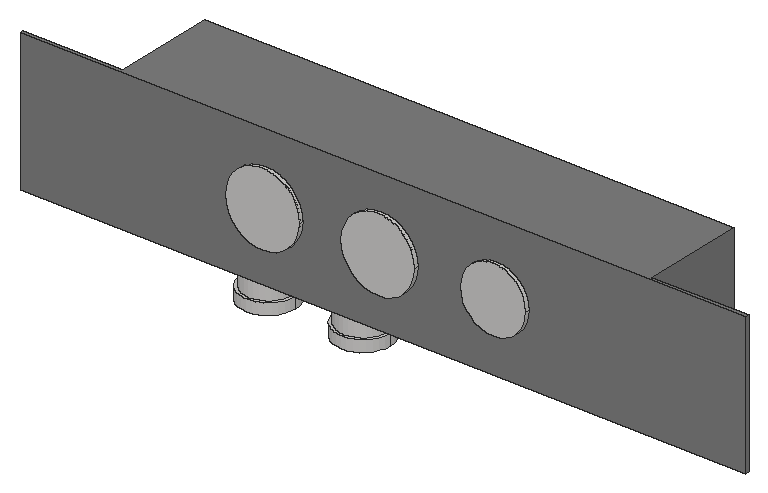
Revit family "5400V", category Generic Models, Revit 2021
Family settings
  Can host rebar = No
  Round Connector Dimension = Use Diameter
  Part Type = Normal
  Work Plane-Based = No
  Always vertical = Yes
  Cut with Voids When Loaded = No
  Shared = No
  Room Calculation Point = No
Parameters
  e-mail = "info@vola.com"
  URL = "http://vola.com"
  Telephone = "+45 7023 5500"
  Quality management standard = "ISO 9001"
  Organisation no. / DUNS no. = "17531328"
  Occupational health and safety management standard = "ISO 18001"
  Mounting Instructions = "http://vola.com/service/producturl.ashx?name=5400V"
  Model = "5400V"
  Materials and components information = "http://vola.com/service/producturl.ashx?name=5400V"
  Manufacturer = "VOLA A/S"
  Maintenance Instructions = "http://vola.com/service/producturl.ashx?name=5400V"
  Guarantee = "2 years"
  Flow = "43,00 l/min"
  Environmental management standard = "ISO 14000"
  Default Elevation = 0.00 mm
  Connection - All relevant connections = ""
  Approvals = "http://vola.com/service/producturl.ashx?name=5400V"
Reference planes
  plane 1 "Center (Front/Back)": y = 0
  plane 2: z = 0
  plane 3 "Center (Left/Right)": x = 0
  plane 4 "Inlet Center Plane": y = -29
  plane 5: z = 85
Forms (mm)
  Extrusion 1, solid, material "Default"
    sketch origin (10, 0, 16) x (1, 0, 0) y (0, 1, 0)
      loop
        line (-147.5, 0) -> (-147.5, -69) -> (210.5, -69) -> (210.5, 0) -> (-147.5, 0)
    from 21.5 to 116.5
  Extrusion 2, solid, material "Default"
    sketch origin (10, -1, 16) x (1, 0, 0) y (0, 1, 0)
      loop
        line (-215, -68) -> (-215, -70.5) -> (275.5, -70.5) -> (275.5, -68) -> (-215, -68)
    from 21.5 to 116.5
  Extrusion 3, solid, material "Stainless Steel"
    sketch origin (-59, -4, 37.5) x (0, 1, 0) y (1, 0, 0)
      loop
        circle (-25, -12) r 16.5
    from 0 to 29.77
  Extrusion 4, solid, material "Stainless Steel"
    sketch origin (5, -4, 37.5) x (0, 1, 0) y (1, 0, 0)
      loop
        circle (-25, -12) r 16.5
    from 0 to 29.77
  Extrusion 5, solid, material "Stainless Steel"
    sketch origin (-51.5, -71.5, 16) x (-1, 0, 0) y (0, 0, -1)
      loop
        circle (-12.5, -69) r 24.89
    from 0 to 2.5
  Extrusion 6, solid, material "Stainless Steel"
    sketch origin (26.5, -71.5, 16) x (-1, 0, 0) y (0, 0, -1)
      loop
        circle (-12.5, -69) r 24.89
    from 0 to 2.5
  Extrusion 7, solid, material "Stainless Steel"
    sketch origin (65.5, -71.5, 16) x (-1, 0, 0) y (0, 0, -1)
      loop
        circle (-51.5, -69) r 22
    from 0 to 2.5
  Extrusion 8, solid, material "Stainless Steel"
    sketch origin (-59, -4, 7.73) x (-1, 0, 0) y (0, 1, 0)
      loop
        circle (12, -25) r 18.5
    from 0 to 7.73
  Extrusion 9, solid, material "Stainless Steel"
    sketch origin (5, -4, 7.73) x (-1, 0, 0) y (0, 1, 0)
      loop
        circle (12, -25) r 18.5
    from 0 to 7.73
Cuts and joins
  joined: Extrusion 1, Extrusion 2
Lines and regions (mm)
  reference lines
    curve 1: line (117, -29, 85) -> (117, -121.5, 85)
    curve 2: line (39, -29, 85) -> (39, -121.5, 85)
    curve 3: line (-39, -29, 85) -> (-39, -121.5, 85)
    curve 4: line (-7, -29, 85) -> (-7, -29, -50)
    curve 5: line (-71, -29, 85) -> (-71, -29, -50)
    curve 6: line (117, -35.26, 182.5) -> (117, -35.26, -12.5)
Dimensions and locks
  aligned and locked: plane 2 to level
  aligned and locked: Extrusion 1 to Extrusion 2
  aligned and locked: Extrusion 2 to Extrusion 1
